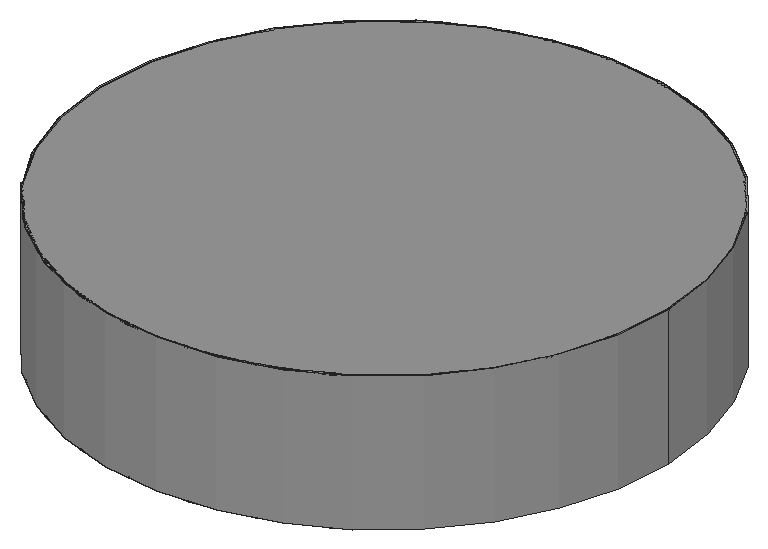
Revit family "Artemide_Tagora_Ceiling_970", category Apparecchi per illuminazione, Revit 2018
Family settings
  Quota connettore circolare = Usa diametro
  Tipo di parte = Normale
  Basato su piano di lavoro = Sì
  Sempre verticale = Sì
  Taglio con vuoti quando caricato = No
  Sorgente d'illuminazione = Sì
  Condiviso = No
  Punto di calcolo locali = No
Parameters
  Wattage = 84 W
  built-in parameter 1150110 = 1 (stored number, unit not read)
  Voltage = "-"
  built-in parameter 1114217 = 1 (stored number, unit not read)
  Tilt Angle = 90.00°
  built-in parameter 1150109 = 1 (stored number, unit not read)
  built-in parameter 1150134 = (empty or 0)
  built-in parameter 1150113 = 1 (stored number, unit not read)
  Radius_InternalCylinder = Radius_ExternalCyilinder - 2 mm  # 483 mm
  Radius_ExternalCyilinder = 485 mm
  Product Range = "Tagora"
  File diagramma fotometrico = "M248021.IES"
  Max Height from ceiling = 0 mm
  M_HousingCylinder = Artemide_Aluminum_Beige
  M_Housing = Artemide_Aluminum_White
  M_Diffuser = Artemide_Glass_LightBulb
  built-in parameter 1150105 = 511.3 (stored number, unit not read)
  Lumens = 6425.16 lm
  built-in parameter 1150115 = 1 (stored number, unit not read)
  built-in parameter 1150137 = (empty or 0)
  built-in parameter 1150139 = (empty or 0)
  built-in parameter 1150112 = 1 (stored number, unit not read)
  built-in parameter 1150114 = 1 (stored number, unit not read)
  built-in parameter 1150132 = (empty or 0)
  built-in parameter 1150102 = (empty or 0)
  built-in parameter 1150107 = 3000 (stored number, unit not read)
  built-in parameter 1150138 = (empty or 0)
  built-in parameter 1150106 = 5.113 (stored number, unit not read)
  IfcExportType = "NOT DEFINED"  # constant formula
  IfcExportAs = "IfcLightFixtureType"  # constant formula
  Weekly = "-"
  Warranty ID = "https://cloud.artemide.com/5-years-warranty"
  Upward Component  = 0
  Unified Glare Rating  = "-"
  Uniclass 2015 = "Pr_70_70_48"  # constant formula
  URL to O&M Manual = "https://www.artemide.com/contents/documenti/prodotto/tagora_soffitto_970_instructions2194301.pdf"
  URL to Energy Technology List = "-"
  Total Power = 0
  Total Light Output  = 0
  Testing method = "-"
  Supply Phase = 0
  Suitable for Photocell Control = "-"
  Suitable for Motion Detector Control = "N"
  Suitable for Dimming  = "Y"
  Suitable Dimmer Type = "DALI"
  Standards = "-"
  Shipping Weight = 0
  Service life  = "-"
  Secondary Rated Lamp Life = 0
  Secondary Lamp Voltage = 0
  Secondary Lamp International Type Code = "-"
  Secondary Lamp Initial Lumens  = 0
  Secondary Lamp Included = "-"
  Secondary Lamp Efficacy = 0
  Secondary Lamp Colour Temperature = 0
  Secondary Lamp Colour Rendering Index = 0
  Secondary Lamp Cap = "-"
  Secondary Lamp = "-"
  Responsible Sourcing of Materials = "-"
  Responsible Extraction of Materials = "-"
  Rated Lamp Life = 50000
  Quarterly = "-"
  Product Model Number = "M248021"
  Product Literature = "https://www.artemide.com/en/subfamily/1684868/tagora-ceiling-970"
  Primary Lamp Type = "LED"
  Power Supply Kit = "-"
  Power Factor = 0
  Photocell = "-"
  Overall Width = 0
  Overall Light Output Ratio = 0
  Overall Length = 970
  Overall Height = 230
  Output Lumens Indirect light = 0
  Output Lumens Direct light = 6425
  Number of Secondary Lamps = 0
  Number of Primary Lamps = 1
  Number of Poles = 0
  Motion Sensor = "-"
  Motion Detector = "-"
  Monthly = "-"
  Minimum Operating Temperature = 0
  Maximum Operating Temperature = 0
  Material Ingredient Reporting = "-"
  Manufacturer Website = "https://www.artemide.com"
  Produttore = "Artemide"
  Maintenance Required: 8001-12000hrs  = "-"
  Maintenance Required: 601-1000hrs = "-"
  Maintenance Required: 4001-8000hrs  = "-"
  Maintenance Required: 301-600hrs  = "-"
  Maintenance Required: 2001-4000hrs  = "-"
  Maintenance Required: 1001-2000hrs  = "-"
  Maintenance Required: 0-300hrs  = "-"
  Luminance at 65deg Angle = 0
  Luminaire Type = "Ceiling lamp"
  Luminaire Maintenance Factor = 0
  Luminaire Cleaning Interval  = "-"
  Louvre/Lens = "-"
  Location of Manufacturer = "-"
  Light Output Pattern = "-"
  Light Fixture Mounting Type = "Ceiling"
  Life Cycle Analysis = "-"
  Lamp Survival Factor = "-"
  Lamp Replacement Interval = "-"
  Lamp Included = "Y"
  Lamp Cap = "LED Integrated"
  LED lifetime = 50000
  LED Maintained Colour Variation         = 0
  LED Initial Colour Variation                      = 0
  International Type Code = "-"
  Intended Market = "Unset"
  Integral Fuse or Circuit Protection  = "-"
  Integral Emergency Lighting Battery Type = "-"
  Input Lumens Indirect light = 0
  Input Lumens Direct light = 11898.8
  Initial Lumens = 6425
  Infills = "-"
  IP Rating = "IP20"
  IK Rating = "-"
  IES Files  = "https://www.artemide.com/product/downloadFile/1690330/ieseu/4887781"
  Housing Material = "Aluminium"
  Housing Finish  = "Painted"
  Housing Colour  = "Beige/White"
  Hazardous Area Protection Type = "-"
  Hazardous Area Category = "-"
  Gross Weight = 16.24
  Green Guide for Specification = "-"
  Frequency  = 0
  Fixings = "-"
  Fire Shroud = "-"
  Fire Rating Duration = 0
  Fire Rated Temperature = 0
  Fire Rated = "-"
  Features = "Any additional components/accessories included in this file are required to complete the product/configuration and must be ordered separately.Please check the catalogue/dedicated brochure for more information"
  Face Width = 0
  Face Shape = "Cylindrical"
  Face Length = 0
  External Control Line Voltage = 0
  Expected Life = "-"
  Environmental Product Declaration = "-"
  End Caps/Transition Caps/Joints = "-"
  Emit from Circle Diameter = 878.4 mm
  Rendi la forma visibile nel rendering = no
  Emergency light output percentage = 0
  Emergency Lighting Battery = "-"
  Emergency Charging Power       = 0
  Emergency = "N"
  Embodied Carbon  = 0
  Efficiency = 54
  built-in parameter 1150104 = 7.1062 (stored number, unit not read)
  Earth Point  = "-"
  ENEC Certification of European conformity = "N"
  Duration of Integral Emergency Lighting  = 0
  Drive Current                                          = 0
  Downward Component = 0
  Distance_HeightLamp = 235 mm
  Variazione temperatura colore lampada con luminosità attenuata = <Nessuno>
  Diffusing screen = "-"
  Designed by = "S./R. Cornelissen"
  Default Elevation = 1219.2 mm
  Daylight Sensor = "-"
  Daily = "-"
  Cut Out Width = 606
  Cut Out Length = 0
  Current  = 0
  Control Gear Type = "-"
  Control Gear Standby Power  = 0
  Control Gear Required = "-"
  Control Gear Location = "-"
  Column = "-"
  Colour Temperature = 3000
  Colour Rendering Index = 80
  Filtro dei colori = 16777215
  CE Approval = "Y"
  Bespoke Timeframe = "-"
  Beam Angle Transverse Axis  = 0.00°
  Beam Angle Longditudinal Axis  = 0.00°
  Basis of lifetime luminaire failures        = 0
  Basis of lifetime lumen depreciation   = 0
  built-in parameter 1114218 = 1 (stored number, unit not read)
  built-in parameter 1150133 = 10 (stored number, unit not read)
  Application Environment = "Internal"
  Annually = "-"
  Ambient Temperature                             = 0
  Air Handling = "-"
  Access Clearance Top = 0
  Access Clearance Right = 0
  Access Clearance Rear = 0
  Access Clearance Left = 0
  Access Clearance Front = 0
  Access Clearance Bottom = 0
  6 Monthly = "-"
Reference planes
  plane 1 "Center (Front/Back)": y = 0
  plane 2 "Top Lamp": z = 0
  plane 3 "Center (Left/Right)": x = 0
  plane 4: z = -137
  plane 5 "Bottom Lamp": z = -235
  plane 6 "Light": z = -124.313
  plane 7: z = -1.5
  plane 8: z = -140
Forms (mm)
  Extrusion 1, solid, material "Artemide_Aluminum_Beige" <- "M_HousingCylinder"
    sketch origin (0, 0, 0) x (1, 0, 0) y (0, 1, 0)
      loop
        circle (0, 0) r 485
      loop
        circle (0, 0) r 483
    from -235 to 0
  Extrusion 2, solid, material "Artemide_Aluminum_Beige" <- "M_HousingCylinder"
    sketch origin (0, 0, 0) x (1, 0, 0) y (0, 1, 0)
      loop
        circle (0, 0) r 483
    from -1.5 to 0
  Revolve 3, solid, material "Artemide_Aluminum_White" <- "M_Housing"
    sketch origin (0, 0, 0) x (1, 0, 0) y (0, 0, 1)
      loop
        line (-439.125, -137) -> (-483, -235) -> (-481.235, -235) -> (-437.36, -137) -> (-439.125, -137)
      axis (0, -137) -> (0, -235)
    angle from 0 to 360
  Revolve 4, solid, material "Artemide_Glass_LightBulb" <- "M_Diffuser"
    sketch origin (0, 0, 0) x (1, 0, 0) y (0, 0, 1)
      loop
        line (0, -137) -> (-437.36, -137) -> (-437.36, -140) -> (0, -140) -> (0, -137)
      axis (0, -137) -> (0, -140)
    angle from 0 to 360
Dimensions and locks
  locked: level to plane 7 at 1.5
  "Distance_HeightLamp": plane 2 "Top Lamp" to plane 5 "Bottom Lamp"
  plane 4 to plane 8 to plane 5 "Bottom Lamp" = 3 mm locked, 95 mm locked
  locked: plane 6 "Light" to plane 4 at 12.687
  "Radius_ExternalCyilinder": radius of Extrusion 1 sketch curve
  "Radius_InternalCylinder": radius of Extrusion 1 sketch curve
  "Radius_InternalCylinder": radius of Extrusion 2 sketch curve
  aligned and locked: level to plane 2 "Top Lamp"
  aligned and locked: plane 6 "Light" to imposter light
  aligned and locked: plane 3 "Center (Left/Right)" to imposter light
  aligned and locked: imposter light to plane 1 "Center (Front/Back)"
  aligned and locked: plane 3 "Center (Left/Right)" to Extrusion 1 sketch curve  (x2)
  aligned and locked: plane 1 "Center (Front/Back)" to Extrusion 1 sketch curve  (x2)
  aligned and locked: plane 2 "Top Lamp" to Extrusion 1
  aligned and locked: plane 3 "Center (Left/Right)" to Extrusion 2 sketch curve
  aligned and locked: plane 1 "Center (Front/Back)" to Extrusion 2 sketch curve
  aligned and locked: plane 2 "Top Lamp" to Extrusion 2
  aligned and locked: Extrusion 2 to plane 7
  aligned and locked: Revolve 3 sketch curve to plane 3 "Center (Left/Right)"
  aligned and locked: plane 4 to Revolve 4 sketch curve
  aligned and locked: Revolve 4 sketch curve to plane 8
  aligned and locked: Revolve 4 sketch curve to plane 3 "Center (Left/Right)"
  aligned and locked: Extrusion 1 to plane 5 "Bottom Lamp"
  aligned and locked: Extrusion 1 to Revolve 3 sketch curve
  aligned and locked: Revolve 3 sketch curve to plane 4
Automatic sketch dimensions
  Revolve 3 sketch curve to plane 3 "Center (Left/Right)" = 437.36 mm
  Revolve 3 sketch curve to Revolve 3 sketch curve = 1.765 mm  (x2)
  Revolve 3 sketch curve to plane 5 "Bottom Lamp" = 1345.919 mm
  level to Revolve 3 sketch curve = 2214.315 mm
  Revolve 3 sketch curve to Revolve 3 sketch curve = 42.109 mm
  Revolve 4 sketch curve to plane 3 "Center (Left/Right)" = 0 mm
  Revolve 4 sketch curve to plane 3 "Center (Left/Right)" = 437.36 mm
  Revolve 4 sketch curve to plane 5 "Bottom Lamp" = 1345.919 mm
  level to Revolve 4 sketch curve = 2214.315 mm
